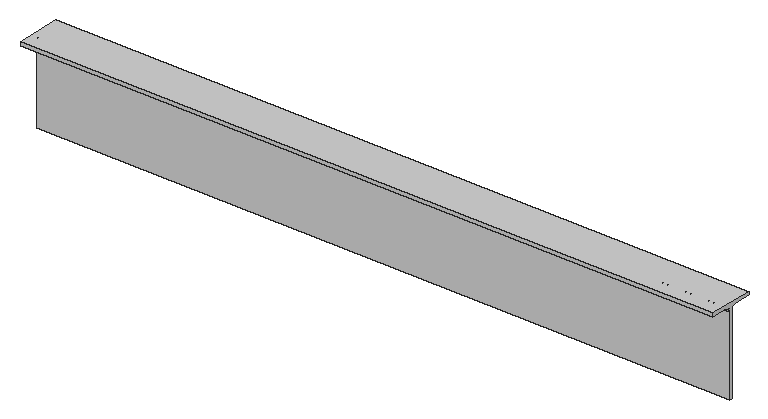
Revit family "58507d62b6a74d1fa308d6314d134935", category Structural Framing, Revit 2021
Family settings
  Structural Framing Length Roundoff = 0' - 0"
  Section Shape = Not Defined
  Material for Model Behavior = Steel
  Always export as geometry = No
  OmniClass Number = 23.25.30.11.14.14
  OmniClass Title = Beams
  Seek Item ID = MT-Structural Tee-0000-USA-ENU
  Always vertical = Yes
  Cut with Voids When Loaded = No
  Symbolic Representation = From Project Settings
  Shared = No
  Show family pre-cut in plan views = Yes
Parameters (values of type "MT6X5.9")
  W = 5.9
  Structural Material [instance] = Steel ASTM A36
  Assembly Code = "B10"
  Length [instance] = 5' - 0"
  bf = 0' - 3 9/128"
  d = 0' - 6"
  k = 0' - 0 9/16"
  kr = k - tf  # 0' - 0 43/128"
  tf = 0' - 0 29/128"
  tw = 0' - 0 45/256"
  A = 1.72 in²
Types (2): name | W | bf | d | kr | tf | tw | A
  MT5X4.5 | 4.5 | 0' - 2 177/256" | 0' - 5" | 0' - 0 91/256" | 0' - 0 53/256" | 0' - 0 5/32" | 1.32 in²
  MT6X5.9 | 5.9 | 0' - 3 9/128" | 0' - 6" | 0' - 0 43/128" | 0' - 0 29/128" | 0' - 0 45/256" | 1.72 in²
Reference planes (in)
  plane 1 "Center (Front/Back)": y = 0
  plane 2: z = 0
  plane 3 "Center (Left/Right)": x = 0.1815
  plane 4 "Member Left": x = -23.8185
  plane 5 "Member Right": x = 24.1815
  plane 6: y = 1.53516
  plane 7: y = -1.53516
  plane 8 "Top": z = 3
  plane 9: z = -3
  plane 10 "Left": x = -29.8185
  plane 11 "Right": x = 30.1815
Forms (in)
  Sweep 1, solid, material "Steel ASTM A36" <- "Structural Material", detail levels fine
    path origin (0, 0, 0) x (1, 0, 0) y (0, 1, 0)
      loop
        line (24.1815, 0) -> (-23.8185, 0)
    profile "Structural Tee-Profile-Fine : Structural Tee-Profile-Fine" origin (0.1815, 0, 0) x (0, -1, 0) y (0, 0, 1)
      loop
        line (-1.53516, 3) -> (-1.53516, 2.77344) -> (-0.42383, 2.77344)
        arc (-0.42383, 2.77344) -> (-0.18628, 2.67504) -> (-0.08789, 2.4375) r 0.33594
        line (-0.08789, 2.4375) -> (-0.08789, -3) -> (0.08789, -3) -> (0.08789, 2.4375)
        arc (0.08789, 2.4375) -> (0.18628, 2.67504) -> (0.42383, 2.77344) r 0.33594
        line (0.42383, 2.77344) -> (1.53516, 2.77344) -> (1.53516, 3) -> (-1.53516, 3)
  Sweep 2, solid, material "Steel ASTM A36" <- "Structural Material", detail levels medium
    path origin (0, 0, 0) x (1, 0, 0) y (0, 1, 0)
      loop
        line (24.1815, 0) -> (-23.8185, 0)
    profile "Structural Tee-Profile-Medium : Structural Tee-Profile-Medium" origin (0.1815, 0, 0) x (0, -1, 0) y (0, 0, 1)
      loop
        line (-1.53516, 3) -> (-1.53516, 2.77344) -> (-0.08789, 2.77344) -> (-0.08789, -3) -> (0.08789, -3) -> (0.08789, 2.77344) -> (1.53516, 2.77344) -> (1.53516, 3) -> (-1.53516, 3)
Lines and regions (in)
  symbolic lines, style "Hidden Faces", detail levels medium+fine
    curve 1: line (24.1815, -0.08789, 0) -> (-23.8185, -0.08789, 0)
    curve 2: line (24.1815, 0.08789, 0) -> (-23.8185, 0.08789, 0)
  symbolic lines, style "Stick Symbols", detail levels coarse
    curve 3: line (0.1815, 1.53516, 3) -> (0.1815, -1.53516, 3)
    curve 4: line (0.1815, 0, 3) -> (0.1815, 0, -3)
Dimensions and locks (in)
  "bf": plane 6 to plane 7
  "d": plane 9 to plane 8 "Top"
  equal spacing: plane 9, plane 2, plane 8 "Top"
  equal spacing: plane 6, plane 1 "Center (Front/Back)", plane 7
  "Length": plane 10 "Left" to plane 11 "Right"
  equal spacing: curve 2, plane 1 "Center (Front/Back)", curve 1
  "tw": curve 2 to curve 1
  aligned and locked: Sweep 1 sketch curve to plane 1 "Center (Front/Back)"
  aligned and locked: Sweep 2 sketch curve to plane 1 "Center (Front/Back)"
  aligned and locked: Sweep 2 to curve 3  (x2)
  aligned and locked: curve 3 to Sweep 2
  aligned and locked: Sweep 2 to curve 4
  aligned and locked: plane 4 "Member Left" to Sweep 2 sketch curve
  aligned and locked: plane 5 "Member Right" to Sweep 2 sketch curve
  aligned and locked: plane 4 "Member Left" to Sweep 1 sketch curve
  aligned and locked: plane 5 "Member Right" to Sweep 1 sketch curve
  aligned and locked: plane 4 "Member Left" to curve 2
  aligned and locked: plane 4 "Member Left" to curve 1
  aligned and locked: plane 5 "Member Right" to curve 1
  aligned and locked: plane 5 "Member Right" to curve 2
Automatic sketch dimensions
  curve 4 to plane 1 "Center (Front/Back)" = 0' - 0"
